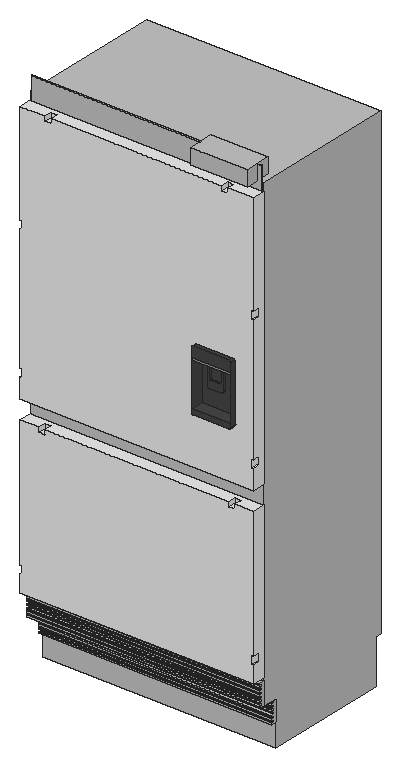
Revit family "FP_Revit_18_RS9120WRU1_Fridge_90001180A", category Specialty Equipment, Revit 2018 (continued)
Definition of nested family "F&P Handle Kit - Contemporary Square Fine - Vertical"
  Automatic sketch dimensions
    Extrusion 2 sketch curve to Extrusion 2 sketch curve = 0.5 mm  (x2)
    Extrusion 2 sketch curve to plane 3 "Center (Left/Right)" = 0.026 mm
    plane 3 "Center (Left/Right)" to Extrusion 2 sketch curve = 6.242 mm
    plane 3 "Center (Left/Right)" to Extrusion 2 sketch curve = 7.7 mm
    plane 1 "Center (Front/Back)" to Extrusion 2 sketch curve = 26.155 mm
    Extrusion 2 sketch curve to Extrusion 2 sketch curve = 0.018 mm  (x2)
    Extrusion 2 sketch curve to Extrusion 2 sketch curve = 0.026 mm
    Extrusion 2 sketch curve to Extrusion 2 sketch curve = 12.11 mm
    Extrusion 2 sketch curve to Extrusion 2 sketch curve = 0 mm
    plane 1 "Center (Front/Back)" to Extrusion 3 sketch curve = 42 mm
    Extrusion 3 sketch curve to Extrusion 3 sketch curve = 15.755 mm
    Extrusion 3 sketch curve to Extrusion 3 sketch curve = 42 mm  (x2)
    Extrusion 4 sketch curve to plane 3 "Center (Left/Right)" = 7.7 mm
    Extrusion 4 sketch curve to plane 3 "Center (Left/Right)" = 6.742 mm
    Extrusion 4 sketch curve to Extrusion 4 sketch curve = 0.5 mm  (x2)
    Extrusion 4 sketch curve to plane 3 "Center (Left/Right)" = 0.026 mm
    plane 3 "Center (Left/Right)" to Extrusion 4 sketch curve = 6.242 mm
    plane 3 "Center (Left/Right)" to Extrusion 4 sketch curve = 7.7 mm
    plane 1 "Center (Front/Back)" to Extrusion 4 sketch curve = 38.291 mm
    Extrusion 4 sketch curve to Extrusion 4 sketch curve = 12.091 mm
    Extrusion 4 sketch curve to Extrusion 4 sketch curve = 0.018 mm  (x2)
    Extrusion 4 sketch curve to Extrusion 4 sketch curve = 0.452 mm
    Extrusion 4 sketch curve to Extrusion 4 sketch curve = 26.174 mm
    Extrusion 4 sketch curve to Extrusion 4 sketch curve = 0 mm
Definition of nested family "F&P Handle Kit - Contemporary Round - Horizontal"
  Parameters (values of type "25374 AHS-ASBI-A - Contemporary round handle (2 of 2) (Horizontal) 746mm")
    URL = "www.fisherpaykel.com"
    Product - Width = 746 mm
    Model = ""
    Material - Handle = none
    Manufacturer = "Fisher & Paykel Appliances"
    Description = "Kit for RS36A"
  Types (11, lengths in mm): name | Product - Width | Description
    (no name) | 746 | "Kit for RS36A"
    AHSRD2484W - Contemporary round handle (2 of 2) (Horizontal) 494mm | 494 | ""
    AHSRD3084W - Contemporary round handle (2 of 2) (Horizontal) 646mm | 646 | ""
    AHSRS3272A - Contemporary round handle (2 of 2) (Horizontal) 646mm | 646 | ""
    AHSRS80A - Contemporary round handle (2 of 2) (Horizontal) 646mm | 646 | ""
    AHSRD6121W - Contemporary round handle (2 of 2) (Horizontal) 494mm | 494 | ""
    AHSRD7621W - Contemporary round handle (2 of 2) (Horizontal) 646mm | 646 | ""
    25374 AHS-ASBI-A - Contemporary round handle (2 of 2) (Horizontal) 746mm | 746 | "Kit for RS36A"
    25329 AHS-ASBI-A - Contemporary round handle (2 of 2) (Horizontal) 746mm | 746 | "Kit for RS90"
    25380 AHS-ASBI-B - Contemporary round handle (2 of 2) (Horizontal) 746mm | 746 | "Kit for RS36"
    25339 AHS-ASBI-B - Contemporary round handle (2 of 2) (Horizontal) 746mm | 746 | "Kit for RS9120W"
  Reference planes
    plane 1 "Center (Front/Back)": y = 0
    plane 2: z = 0
    plane 3 "Center (Left/Right)": x = 0
    plane 4 "Product LHS": x = -373
    plane 5 "Product RHS": x = 373
    plane 6 "LHS Standoff": x = -252.995
    plane 7 "RHS Standoff": x = 253.005
  Forms (mm)
    Extrusion 1, solid, material <- "Material - Handle"
      sketch origin (0, 0, 0) x (0, 1, 0) y (0, 0, 1)
        loop
          circle (-32.3, 0) r 8.7
      from -252.995 to 253.005
    Extrusion 2, solid, material <- "Material - Handle", detail levels fine
      sketch origin (0, 0, 0) x (0, 1, 0) y (0, 0, 1)
        loop
          line (0, 8.7) -> (-32.3, 8.7)
          arc (-32.3, 8.7) -> (-41, 0) -> (-32.3, -8.7) r 8.7
          line (-32.3, -8.7) -> (0, -8.7) -> (0, 8.7)
      from 253.005 to 373
    Extrusion 3, solid, material <- "Material - Handle", detail levels fine
      sketch origin (0, 0, 0) x (0, 1, 0) y (0, 0, -1)
        loop
          line (0, -8.7) -> (0, 8.7) -> (-32.3, 8.7)
          arc (-32.3, 8.7) -> (-41, 0) -> (-32.3, -8.7) r 8.7
          line (-32.3, -8.7) -> (0, -8.7)
      from 252.995 to 373
    Sweep 4, void
      path in 3D
        loop
          line (373, 0, 8.7) -> (373, -32.3, 8.7)
          arc (373, -32.3, 8.7) -> (373, -41, 0) -> (373, -32.3, -8.7) r 8.7
          line (373, -32.3, -8.7) -> (373, 0, -8.7)
      profile origin (373, -16.15, 8.7) x (1, 0, 0) y (0, 0, 1)
        loop
          line (0, 0) -> (-1, 0) -> (0, -1) -> (0, 0)
    Sweep 5, void
      path in 3D
        loop
          line (-373, 0, -8.7) -> (-373, -32.3, -8.7)
          arc (-373, -32.3, -8.7) -> (-373, -41, 0) -> (-373, -32.3, 8.7) r 8.7
          line (-373, -32.3, 8.7) -> (-373, 0, 8.7)
      profile origin (-373, -16.15, 8.7) x (-1, 0, 0) y (0, 0, 1)
        loop
          line (0, 0) -> (-1, 0) -> (0, -1) -> (0, 0)
    Extrusion 6, solid, material <- "Material - Handle", detail levels coarse+medium
      sketch origin (0, 0, 0) x (0, 1, 0) y (0, 0, 1)
        loop
          line (0, 8.7) -> (-32.3, 8.7)
          arc (-32.3, 8.7) -> (-41, 0) -> (-32.3, -8.7) r 8.7
          line (-32.3, -8.7) -> (0, -8.7) -> (0, 8.7)
      from 253.005 to 373
    Extrusion 7, solid, material <- "Material - Handle", detail levels coarse+medium
      sketch origin (0, 0, 0) x (0, 1, 0) y (0, 0, -1)
        loop
          line (0, -8.7) -> (0, 8.7) -> (-32.3, 8.7)
          arc (-32.3, 8.7) -> (-41, 0) -> (-32.3, -8.7) r 8.7
          line (-32.3, -8.7) -> (0, -8.7)
      from 252.995 to 373
  Cuts and joins
    Sweep 4 cuts Extrusion 2
    Sweep 5 cuts Extrusion 3
  Lines and regions (mm)
    sketch lines
      curve 1: line (373, 0, 8.7) -> (373, -32.3, 8.7)
      curve 2: arc (373, -32.3, -8.7) -> (373, -41, 0) -> (373, -32.3, 8.7) r 8.7
      curve 3: line (373, -32.3, -8.7) -> (373, 0, -8.7)
      curve 4: line (-373, -32.3, 8.7) -> (-373, 0, 8.7)
      curve 5: arc (-373, -32.3, 8.7) -> (-373, -41, 0) -> (-373, -32.3, -8.7) r 8.7
      curve 6: line (-373, 0, -8.7) -> (-373, -32.3, -8.7)
  Dimensions and locks
    equal spacing: plane 4 "Product LHS", plane 3 "Center (Left/Right)", plane 5 "Product RHS"
    "Product - Width": plane 4 "Product LHS" to plane 5 "Product RHS"
    locked: plane 4 "Product LHS" to plane 6 "LHS Standoff" at 120.005
    locked: plane 7 "RHS Standoff" to plane 5 "Product RHS" at 119.995
    equal spacing: Extrusion 2 sketch curve, level, Extrusion 2 sketch curve
    Extrusion 3 sketch curve to Extrusion 3 sketch curve = 17.4 mm
    Extrusion 6 sketch curve to Extrusion 6 sketch curve = 17.4 mm
    Extrusion 7 sketch curve to Extrusion 7 sketch curve = 17.4 mm
    aligned and locked: level to plane 2
    aligned and locked: plane 7 "RHS Standoff" to Extrusion 1
    aligned and locked: Extrusion 2 to Extrusion 1
    aligned and locked: Extrusion 2 to plane 5 "Product RHS"
    aligned and locked: plane 4 "Product LHS" to Extrusion 3
    aligned and locked: plane 6 "LHS Standoff" to Extrusion 3
    aligned and locked: Extrusion 1 to plane 6 "LHS Standoff"
    aligned and locked: Extrusion 6 to Extrusion 1
    aligned and locked: Extrusion 6 to plane 5 "Product RHS"
    aligned and locked: plane 4 "Product LHS" to Extrusion 7
    aligned and locked: Extrusion 7 to Extrusion 1
  Automatic sketch dimensions
    Extrusion 1 sketch curve to level = 0 mm
    plane 1 "Center (Front/Back)" to Extrusion 1 sketch curve = 32.3 mm
    Extrusion 2 sketch curve to plane 1 "Center (Front/Back)" = 0 mm
    Extrusion 2 sketch curve to level = 8.7 mm
    plane 1 "Center (Front/Back)" to Extrusion 2 sketch curve = 32.3 mm
    Extrusion 3 sketch curve to level = 0 mm
    Extrusion 3 sketch curve to plane 1 "Center (Front/Back)" = 0 mm
    Extrusion 3 sketch curve to level = 8.7 mm
    plane 1 "Center (Front/Back)" to Extrusion 3 sketch curve = 32.3 mm
    Sweep 4 sketch curve to profile plane = 0 mm
    profile plane to Sweep 4 sketch curve = 0 mm
    profile plane to Sweep 4 sketch curve = 1 mm
    Sweep 4 sketch curve to profile plane = 1 mm
    Sweep 5 sketch curve to profile plane = 0 mm  (x2)
    profile plane to Sweep 5 sketch curve = 1 mm
    Sweep 5 sketch curve to profile plane = 1 mm
    Extrusion 6 sketch curve to level = 0 mm
    level to Extrusion 6 sketch curve = 8.7 mm
    plane 1 "Center (Front/Back)" to Extrusion 6 sketch curve = 32.3 mm
    Extrusion 6 sketch curve to Extrusion 6 sketch curve = 32.3 mm
    Extrusion 7 sketch curve to level = 0 mm
    level to Extrusion 7 sketch curve = 8.7 mm
    plane 1 "Center (Front/Back)" to Extrusion 7 sketch curve = 32.3 mm
    Extrusion 7 sketch curve to Extrusion 7 sketch curve = 32.3 mm
    radius of Extrusion 1 sketch curve = 8.7 mm
Definition of nested family "F&P Handle Kit - Contemporary Round - Vertical"
  Parameters (values of type "25329 AHS-ASBI-A - Contemporary round handle (1 of 2) (Vertical) 727mm")
    URL = "www.fisherpaykel.com"
    Material - Handle = none
    Manufacturer = "Fisher & Paykel Appliances"
    Handle - Length = 727 mm
    Description = "Kit for RS90A"
  Types (12, lengths in mm): name | Handle - Length | Description
    AHS-RD21 - Contemporary round handle (Vertical) 852mm | 852 | ""
    AHSRD2484W - Contemporary round handle (1 of 2) (Vertical) 727mm | 727 | ""
    AHSRD3084W - Contemporary round handle (1 of 2) (Vertical) 727mm | 727 | ""
    AHS-RD84 - Contemporary round handle (Vertical) 852mm | 852 | ""
    AHSRS3272A - Contemporary round handle (1 of 2) (Vertical) 727mm | 727 | ""
    AHSRS80A - Contemporary round handle (1 of 2) (Vertical) 727mm | 727 | ""
    AHSRD6121W - Contemporary round handle (1 of 2) (Vertical) 727mm | 727 | ""
    AHSRD7621W - Contemporary round handle (1 of 2) (Vertical) 727mm | 727 | ""
    25329 AHS-ASBI-A - Contemporary round handle (1 of 2) (Vertical) 727mm | 727 | "Kit for RS90A"
    25374 AHS-ASBI-A - Contemporary round handle (1 of 2) (Vertical) 727mm | 727 | "kit for RS36A"
    25380 AHS-ASBI-B - Contemporary round handle (1 of 2) (Vertical) 727mm | 727 | "kit for RS36W"
    25339 AHS-ASBI-B - Contemporary round handle (1 of 2) (Vertical) 727mm | 727 | "Kit for RS9120"
  Reference planes
    plane 1 "Center (Front/Back)": y = 0
    plane 2: z = 0
    plane 3 "Center (Left/Right)": x = 0
    plane 4 "Top": z = 363.5
    plane 5 "Bottom": z = -363.5
    plane 6 "Top Standoff": z = 243.5
    plane 7 "Bottom Standoff": z = -243.5
  Forms (mm)
    Extrusion 1, solid, material <- "Material - Handle"
      sketch origin (0, 0, 0) x (1, 0, 0) y (0, 1, 0)
        loop
          circle (0, -32.3) r 8.7
      from -243.5 to 243.5
    Extrusion 2, solid, material <- "Material - Handle", detail levels fine
      sketch origin (0, 0, 0) x (1, 0, 0) y (0, 1, 0)
        loop
          line (-8.7, 0) -> (-8.7, -32.3)
          arc (-8.7, -32.3) -> (0, -41) -> (8.7, -32.3) r 8.7
          line (8.7, -32.3) -> (8.7, 0) -> (-8.7, 0)
      from 243.5 to 363.5
    Extrusion 3, solid, material <- "Material - Handle", detail levels fine
      sketch origin (0, 0, 0) x (1, 0, 0) y (0, 1, 0)
        loop
          line (-8.7, 0) -> (-8.7, -32.3)
          arc (-8.7, -32.3) -> (0, -41) -> (8.7, -32.3) r 8.7
          line (8.7, -32.3) -> (8.7, 0) -> (-8.7, 0)
      from -363.5 to -243.5
    Sweep 4, void
      path in 3D
        loop
          line (8.7, 0, -363.5) -> (8.7, -32.3, -363.5)
          arc (8.7, -32.3, -363.5) -> (0, -41, -363.5) -> (-8.7, -32.3, -363.5) r 8.7
          line (-8.7, -32.3, -363.5) -> (-8.7, 0, -363.5)
      profile origin (8.7, -16.15, -363.5) x (-1, 0, 0) y (0, 0, -1)
        loop
          line (0, 0) -> (0, -1) -> (1, 0) -> (0, 0)
    Sweep 5, void
      path in 3D
        loop
          line (-8.7, 0, 363.5) -> (-8.7, -32.3, 363.5)
          arc (-8.7, -32.3, 363.5) -> (0, -41, 363.5) -> (8.7, -32.3, 363.5) r 8.7
          line (8.7, -32.3, 363.5) -> (8.7, 0, 363.5)
      profile origin (8.7, -16.15, 363.5) x (-1, 0, 0) y (0, 0, 1)
        loop
          line (0, 0) -> (0, -1) -> (1, 0) -> (0, 0)
    Extrusion 6, solid, material <- "Material - Handle", detail levels coarse+medium
      sketch origin (0, 0, 0) x (1, 0, 0) y (0, 1, 0)
        loop
          line (-8.7, 0) -> (-8.7, -32.3)
          arc (-8.7, -32.3) -> (0, -41) -> (8.7, -32.3) r 8.7
          line (8.7, -32.3) -> (8.7, 0) -> (-8.7, 0)
      from 243.5 to 363.5
    Extrusion 7, solid, material <- "Material - Handle", detail levels coarse+medium
      sketch origin (0, 0, 0) x (1, 0, 0) y (0, 1, 0)
        loop
          line (-8.7, 0) -> (-8.7, -32.3)
          arc (-8.7, -32.3) -> (0, -41) -> (8.7, -32.3) r 8.7
          line (8.7, -32.3) -> (8.7, 0) -> (-8.7, 0)
      from -363.5 to -243.5
  Cuts and joins
    Sweep 4 cuts Extrusion 3
    Sweep 5 cuts Extrusion 2
  Lines and regions (mm)
    sketch lines
      curve 1: line (8.7, 0, -363.5) -> (8.7, -32.3, -363.5)
      curve 2: arc (-8.7, -32.3, -363.5) -> (0, -41, -363.5) -> (8.7, -32.3, -363.5) r 8.7
      curve 3: line (-8.7, -32.3, -363.5) -> (-8.7, 0, -363.5)
      curve 4: line (8.7, -32.3, 363.5) -> (8.7, 0, 363.5)
      curve 5: arc (8.7, -32.3, 363.5) -> (0, -41, 363.5) -> (-8.7, -32.3, 363.5) r 8.7
      curve 6: line (-8.7, 0, 363.5) -> (-8.7, -32.3, 363.5)
  Dimensions and locks
    equal spacing: plane 4 "Top", level, plane 5 "Bottom"
    "Handle - Length": plane 4 "Top" to plane 5 "Bottom"
    locked: plane 4 "Top" to plane 6 "Top Standoff" at 120
    locked: plane 7 "Bottom Standoff" to plane 5 "Bottom" at 120
    Extrusion 2 sketch curve to Extrusion 2 sketch curve = 17.4 mm
    Extrusion 3 sketch curve to Extrusion 3 sketch curve = 17.4 mm
    Extrusion 6 sketch curve to Extrusion 6 sketch curve = 17.4 mm
    Extrusion 7 sketch curve to Extrusion 7 sketch curve = 17.4 mm
    aligned and locked: level to plane 2
    aligned and locked: plane 4 "Top" to Extrusion 2
    aligned and locked: Extrusion 3 to plane 5 "Bottom"
    aligned and locked: plane 7 "Bottom Standoff" to Extrusion 3
    aligned and locked: Extrusion 1 to plane 7 "Bottom Standoff"
    aligned and locked: plane 6 "Top Standoff" to Extrusion 1
    aligned and locked: Extrusion 2 to Extrusion 1
    aligned and locked: Extrusion 6 to Extrusion 1
    aligned and locked: plane 4 "Top" to Extrusion 6
    aligned and locked: Extrusion 7 to Extrusion 1
    aligned and locked: Extrusion 7 to plane 5 "Bottom"
  Automatic sketch dimensions
    Extrusion 1 sketch curve to plane 3 "Center (Left/Right)" = 0 mm
    plane 1 "Center (Front/Back)" to Extrusion 1 sketch curve = 32.3 mm
    plane 1 "Center (Front/Back)" to Extrusion 2 sketch curve = 0 mm
    Extrusion 2 sketch curve to plane 3 "Center (Left/Right)" = 0 mm
    Extrusion 2 sketch curve to plane 3 "Center (Left/Right)" = 8.7 mm
    plane 1 "Center (Front/Back)" to Extrusion 2 sketch curve = 32.3 mm
    plane 1 "Center (Front/Back)" to Extrusion 3 sketch curve = 0 mm
    Extrusion 3 sketch curve to plane 3 "Center (Left/Right)" = 0 mm
    Extrusion 3 sketch curve to plane 3 "Center (Left/Right)" = 8.7 mm
    plane 1 "Center (Front/Back)" to Extrusion 3 sketch curve = 32.3 mm
    Sweep 4 sketch curve to profile plane = 0 mm  (x2)
    Sweep 4 sketch curve to profile plane = 1 mm  (x2)
    Sweep 5 sketch curve to profile plane = 0 mm  (x2)
    Sweep 5 sketch curve to profile plane = 1 mm  (x2)
    Extrusion 6 sketch curve to plane 3 "Center (Left/Right)" = 0 mm
    Extrusion 6 sketch curve to plane 3 "Center (Left/Right)" = 8.7 mm
    plane 1 "Center (Front/Back)" to Extrusion 6 sketch curve = 32.3 mm
    Extrusion 6 sketch curve to Extrusion 6 sketch curve = 32.3 mm
    Extrusion 7 sketch curve to plane 3 "Center (Left/Right)" = 0 mm
    Extrusion 7 sketch curve to plane 3 "Center (Left/Right)" = 8.7 mm
    plane 1 "Center (Front/Back)" to Extrusion 7 sketch curve = 32.3 mm
    Extrusion 7 sketch curve to Extrusion 7 sketch curve = 32.3 mm
    radius of Extrusion 1 sketch curve = 8.7 mm
Definition of nested family "F&P Water Dispenser"
  Parameters (values of type "F&P Water Dispenser")
    URL = "www.fisherpaykel.com"
    Material - Trim = none
    Material - Body = none
    Manufacturer = "Fisher & Paykel Appliances"
    Connector Description - Water = ""
    Connector Description - Electrical = ""
  Reference planes
    plane 1 "Center (Front/Back)": y = 0
    plane 2: z = 0
    plane 3 "Center (Left/Right)": x = 0
  Forms (mm)
    Extrusion 1, solid, material <- "Material - Body"
      sketch origin (0, 0, 0) x (1, 0, 0) y (0, 0, 1)
        loop
          arc (-67.25, 235.6) -> (-72.907, 233.257) -> (-75.25, 227.6) r 8
          line (-75.25, 227.6) -> (-75.25, 8)
          arc (-75.25, 8) -> (-72.907, 2.343) -> (-67.25, 0) r 8
          line (-67.25, 0) -> (67.25, 0)
          arc (67.25, 0) -> (72.907, 2.343) -> (75.25, 8) r 8
          line (75.25, 8) -> (75.25, 227.609)
          arc (75.25, 227.609) -> (72.909, 233.259) -> (67.259, 235.6) r 7.991
          line (67.259, 235.6) -> (-67.25, 235.6)
        loop
          line (-74.25, 192.6) -> (-74.25, 20) -> (74.25, 20) -> (74.25, 192.6) -> (-74.25, 192.6)
      from -55 to 0
    Extrusion 2, solid, material <- "Material - Trim", detail levels fine
      sketch origin (0, 0, 0) x (1, 0, 0) y (0, 0, 1)
        loop
          line (-74.25, 192.6) -> (-74.25, 187.1) -> (74.25, 187.1) -> (74.25, 192.6) -> (-74.25, 192.6)
      from -55 to 0
    Extrusion 3, solid, material <- "Material - Body"
      sketch origin (0, 0, 0) x (1, 0, 0) y (0, 0, 1)
        loop
          line (-74.25, 187.1) -> (-74.25, 20) -> (74.25, 20) -> (74.25, 187.1) -> (-74.25, 187.1)
      from -55 to -50
    Extrusion 4, solid, material <- "Material - Body", detail levels fine
      sketch origin (0, 0, 0) x (1, 0, 0) y (0, 0, 1)
        loop
          line (-30, 187.1) -> (-30, 105.1)
          arc (-30, 105.1) -> (-27.657, 99.443) -> (-22, 97.1) r 8
          line (-22, 97.1) -> (22, 97.1)
          arc (22, 97.1) -> (27.657, 99.443) -> (30, 105.1) r 8
          line (30, 105.1) -> (30, 187.1) -> (23.5, 187.1) -> (23.5, 134.1)
          arc (23.5, 134.1) -> (21.157, 128.443) -> (15.5, 126.1) r 8
          line (15.5, 126.1) -> (-15.5, 126.1)
          arc (-15.5, 126.1) -> (-21.157, 128.443) -> (-23.5, 134.1) r 8
          line (-23.5, 134.1) -> (-23.5, 187.1) -> (-30, 187.1)
      from -27.6 to -21.6
    Extrusion 5, solid, material <- "Material - Body", detail levels fine
      sketch origin (0, 0, 0) x (1, 0, 0) y (0, 1, 0)
        loop
          circle (0, 24.6) r 7.5
      from 179.1 to 187.1
  Dimensions and locks
    aligned and locked: level to plane 2
Definition of nested family "Visibility Control Note 18"
  Reference planes
    plane 1: y = 0
    plane 2: x = 0
  Text (mm)
    text "Edit Type: \nTo control handle kit \nand door panel visibility\n options\n\nDelete unwanted kits \nto reduce file size" at (-0.165, 35.556, 0)
